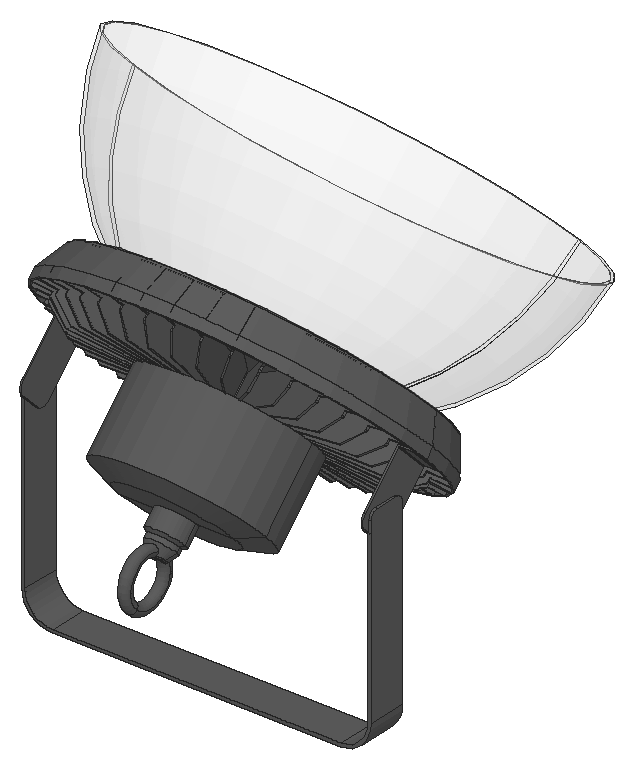
Revit family "0039364+0039355+0039361 Sylvania Lighting Fixture START HighBay IP65 DALI 26000lm 840 MB with BRACKET and PC LAMPSHADE TRANSPARENT FOR 26KLM", category Lighting Fixtures, host Face, Revit 2016 (continued)
Definition of nested family "Start LED Highbay DALI Head"
  Nested families
    nested 5: "Start Highbay Rib" at (0, 0, 80.875) x (0.809, 0.5878, 0) z (0, 0, 1), type "Type Name", detail levels medium+fine
      with SuspensionHeight_FEILO 2.6 mm, WidthStraight_FEILO 4.7 mm, WidthRingChamfer_FEILO 12.9 mm, WidthCurved_FEILO 26.2 mm, WidthCurvedRing_FEILO 4.7 mm, SizeS_FEILO no, Rib4_FEILO 14.6 mm, Rib3_FEILO 20.2 mm, Rib2_FEILO 4.5 mm, Rib1_FEILO 19 mm, RadiusDiffuser_FEILO 120 mm, RHRadius3_FEILO 8.6 mm, RHRadius2_FEILO 14 mm, RHRadius1_FEILO 17.7 mm, RHHeight4_FEILO 9.2 mm, RHHeight3_FEILO 4.6 mm, RHHeight2_FEILO 2.6 mm, RHHeight1_FEILO 17.4 mm, HeightRing_FEILO 36.8 mm, HeightRingChamfer_FEILO 26.6 mm, EyeThickness_FEILO 10.5 mm, EyeThicknessHalf_FEILO 5.25 mm, EyeInner_FEILO 17.3 mm, DriverVerticalStraight_FEILO 57 mm, DriverVerticalChamfer_FEILO 9.5 mm, DriverRadius_FEILO 76.4 mm, DriverRadiusTop_FEILO 52.4 mm, DriverBottom_FEILO 74 mm, Radius_FEILO 169.5 mm
    nested 6: "Start Highbay Rib" at (0, 0, 80.875) x (0.7071, 0.7071, 0) z (0, 0, 1), type "Type Name", detail levels medium+fine
      with SuspensionHeight_FEILO 2.6 mm, WidthStraight_FEILO 4.7 mm, WidthRingChamfer_FEILO 12.9 mm, WidthCurved_FEILO 26.2 mm, WidthCurvedRing_FEILO 4.7 mm, SizeS_FEILO no, Rib4_FEILO 14.6 mm, Rib3_FEILO 20.2 mm, Rib2_FEILO 4.5 mm, Rib1_FEILO 19 mm, RadiusDiffuser_FEILO 120 mm, RHRadius3_FEILO 8.6 mm, RHRadius2_FEILO 14 mm, RHRadius1_FEILO 17.7 mm, RHHeight4_FEILO 9.2 mm, RHHeight3_FEILO 4.6 mm, RHHeight2_FEILO 2.6 mm, RHHeight1_FEILO 17.4 mm, HeightRing_FEILO 36.8 mm, HeightRingChamfer_FEILO 26.6 mm, EyeThickness_FEILO 10.5 mm, EyeThicknessHalf_FEILO 5.25 mm, EyeInner_FEILO 17.3 mm, DriverVerticalStraight_FEILO 57 mm, DriverVerticalChamfer_FEILO 9.5 mm, DriverRadius_FEILO 76.4 mm, DriverRadiusTop_FEILO 52.4 mm, DriverBottom_FEILO 74 mm, Radius_FEILO 169.5 mm
    nested 7: "Start Highbay Rib" at (0, 0, 80.875) x (0.5878, 0.809, 0) z (0, 0, 1), type "Type Name", detail levels medium+fine
      with SuspensionHeight_FEILO 2.6 mm, WidthStraight_FEILO 4.7 mm, WidthRingChamfer_FEILO 12.9 mm, WidthCurved_FEILO 26.2 mm, WidthCurvedRing_FEILO 4.7 mm, SizeS_FEILO no, Rib4_FEILO 14.6 mm, Rib3_FEILO 20.2 mm, Rib2_FEILO 4.5 mm, Rib1_FEILO 19 mm, RadiusDiffuser_FEILO 120 mm, RHRadius3_FEILO 8.6 mm, RHRadius2_FEILO 14 mm, RHRadius1_FEILO 17.7 mm, RHHeight4_FEILO 9.2 mm, RHHeight3_FEILO 4.6 mm, RHHeight2_FEILO 2.6 mm, RHHeight1_FEILO 17.4 mm, HeightRing_FEILO 36.8 mm, HeightRingChamfer_FEILO 26.6 mm, EyeThickness_FEILO 10.5 mm, EyeThicknessHalf_FEILO 5.25 mm, EyeInner_FEILO 17.3 mm, DriverVerticalStraight_FEILO 57 mm, DriverVerticalChamfer_FEILO 9.5 mm, DriverRadius_FEILO 76.4 mm, DriverRadiusTop_FEILO 52.4 mm, DriverBottom_FEILO 74 mm, Radius_FEILO 169.5 mm
    nested 8: "Start Highbay Rib" at (0, 0, 80.875) x (0.454, 0.891, 0) z (0, 0, 1), type "Type Name", detail levels medium+fine
      with SuspensionHeight_FEILO 2.6 mm, WidthStraight_FEILO 4.7 mm, WidthRingChamfer_FEILO 12.9 mm, WidthCurved_FEILO 26.2 mm, WidthCurvedRing_FEILO 4.7 mm, SizeS_FEILO no, Rib4_FEILO 14.6 mm, Rib3_FEILO 20.2 mm, Rib2_FEILO 4.5 mm, Rib1_FEILO 19 mm, RadiusDiffuser_FEILO 120 mm, RHRadius3_FEILO 8.6 mm, RHRadius2_FEILO 14 mm, RHRadius1_FEILO 17.7 mm, RHHeight4_FEILO 9.2 mm, RHHeight3_FEILO 4.6 mm, RHHeight2_FEILO 2.6 mm, RHHeight1_FEILO 17.4 mm, HeightRing_FEILO 36.8 mm, HeightRingChamfer_FEILO 26.6 mm, EyeThickness_FEILO 10.5 mm, EyeThicknessHalf_FEILO 5.25 mm, EyeInner_FEILO 17.3 mm, DriverVerticalStraight_FEILO 57 mm, DriverVerticalChamfer_FEILO 9.5 mm, DriverRadius_FEILO 76.4 mm, DriverRadiusTop_FEILO 52.4 mm, DriverBottom_FEILO 74 mm, Radius_FEILO 169.5 mm
    nested 9: "Start Highbay Rib" at (0, 0, 80.875) x (0.309, 0.9511, 0) z (0, 0, 1), type "Type Name", detail levels medium+fine
      with SuspensionHeight_FEILO 2.6 mm, WidthStraight_FEILO 4.7 mm, WidthRingChamfer_FEILO 12.9 mm, WidthCurved_FEILO 26.2 mm, WidthCurvedRing_FEILO 4.7 mm, SizeS_FEILO no, Rib4_FEILO 14.6 mm, Rib3_FEILO 20.2 mm, Rib2_FEILO 4.5 mm, Rib1_FEILO 19 mm, RadiusDiffuser_FEILO 120 mm, RHRadius3_FEILO 8.6 mm, RHRadius2_FEILO 14 mm, RHRadius1_FEILO 17.7 mm, RHHeight4_FEILO 9.2 mm, RHHeight3_FEILO 4.6 mm, RHHeight2_FEILO 2.6 mm, RHHeight1_FEILO 17.4 mm, HeightRing_FEILO 36.8 mm, HeightRingChamfer_FEILO 26.6 mm, EyeThickness_FEILO 10.5 mm, EyeThicknessHalf_FEILO 5.25 mm, EyeInner_FEILO 17.3 mm, DriverVerticalStraight_FEILO 57 mm, DriverVerticalChamfer_FEILO 9.5 mm, DriverRadius_FEILO 76.4 mm, DriverRadiusTop_FEILO 52.4 mm, DriverBottom_FEILO 74 mm, Radius_FEILO 169.5 mm
    nested 10: "Start Highbay Rib" at (0, 0, 80.875) x (0.1564, 0.9877, 0) z (0, 0, 1), type "Type Name", detail levels medium+fine
      with SuspensionHeight_FEILO 2.6 mm, WidthStraight_FEILO 4.7 mm, WidthRingChamfer_FEILO 12.9 mm, WidthCurved_FEILO 26.2 mm, WidthCurvedRing_FEILO 4.7 mm, SizeS_FEILO no, Rib4_FEILO 14.6 mm, Rib3_FEILO 20.2 mm, Rib2_FEILO 4.5 mm, Rib1_FEILO 19 mm, RadiusDiffuser_FEILO 120 mm, RHRadius3_FEILO 8.6 mm, RHRadius2_FEILO 14 mm, RHRadius1_FEILO 17.7 mm, RHHeight4_FEILO 9.2 mm, RHHeight3_FEILO 4.6 mm, RHHeight2_FEILO 2.6 mm, RHHeight1_FEILO 17.4 mm, HeightRing_FEILO 36.8 mm, HeightRingChamfer_FEILO 26.6 mm, EyeThickness_FEILO 10.5 mm, EyeThicknessHalf_FEILO 5.25 mm, EyeInner_FEILO 17.3 mm, DriverVerticalStraight_FEILO 57 mm, DriverVerticalChamfer_FEILO 9.5 mm, DriverRadius_FEILO 76.4 mm, DriverRadiusTop_FEILO 52.4 mm, DriverBottom_FEILO 74 mm, Radius_FEILO 169.5 mm
    nested 11: "Start Highbay Rib" at (0, 0, 80.875) x (0, 1, 0) z (0, 0, 1), type "Type Name", detail levels medium+fine
      with SuspensionHeight_FEILO 2.6 mm, WidthStraight_FEILO 4.7 mm, WidthRingChamfer_FEILO 12.9 mm, WidthCurved_FEILO 26.2 mm, WidthCurvedRing_FEILO 4.7 mm, SizeS_FEILO no, Rib4_FEILO 14.6 mm, Rib3_FEILO 20.2 mm, Rib2_FEILO 4.5 mm, Rib1_FEILO 19 mm, RadiusDiffuser_FEILO 120 mm, RHRadius3_FEILO 8.6 mm, RHRadius2_FEILO 14 mm, RHRadius1_FEILO 17.7 mm, RHHeight4_FEILO 9.2 mm, RHHeight3_FEILO 4.6 mm, RHHeight2_FEILO 2.6 mm, RHHeight1_FEILO 17.4 mm, HeightRing_FEILO 36.8 mm, HeightRingChamfer_FEILO 26.6 mm, EyeThickness_FEILO 10.5 mm, EyeThicknessHalf_FEILO 5.25 mm, EyeInner_FEILO 17.3 mm, DriverVerticalStraight_FEILO 57 mm, DriverVerticalChamfer_FEILO 9.5 mm, DriverRadius_FEILO 76.4 mm, DriverRadiusTop_FEILO 52.4 mm, DriverBottom_FEILO 74 mm, Radius_FEILO 169.5 mm
    nested 12: "Start Highbay Rib" at (0, 0, 80.875) x (-0.1564, 0.9877, 0) z (0, 0, 1), type "Type Name", detail levels medium+fine
      with SuspensionHeight_FEILO 2.6 mm, WidthStraight_FEILO 4.7 mm, WidthRingChamfer_FEILO 12.9 mm, WidthCurved_FEILO 26.2 mm, WidthCurvedRing_FEILO 4.7 mm, SizeS_FEILO no, Rib4_FEILO 14.6 mm, Rib3_FEILO 20.2 mm, Rib2_FEILO 4.5 mm, Rib1_FEILO 19 mm, RadiusDiffuser_FEILO 120 mm, RHRadius3_FEILO 8.6 mm, RHRadius2_FEILO 14 mm, RHRadius1_FEILO 17.7 mm, RHHeight4_FEILO 9.2 mm, RHHeight3_FEILO 4.6 mm, RHHeight2_FEILO 2.6 mm, RHHeight1_FEILO 17.4 mm, HeightRing_FEILO 36.8 mm, HeightRingChamfer_FEILO 26.6 mm, EyeThickness_FEILO 10.5 mm, EyeThicknessHalf_FEILO 5.25 mm, EyeInner_FEILO 17.3 mm, DriverVerticalStraight_FEILO 57 mm, DriverVerticalChamfer_FEILO 9.5 mm, DriverRadius_FEILO 76.4 mm, DriverRadiusTop_FEILO 52.4 mm, DriverBottom_FEILO 74 mm, Radius_FEILO 169.5 mm
    nested 13: "Start Highbay Rib" at (0, 0, 80.875) x (-0.309, 0.9511, 0) z (0, 0, 1), type "Type Name", detail levels medium+fine
      with SuspensionHeight_FEILO 2.6 mm, WidthStraight_FEILO 4.7 mm, WidthRingChamfer_FEILO 12.9 mm, WidthCurved_FEILO 26.2 mm, WidthCurvedRing_FEILO 4.7 mm, SizeS_FEILO no, Rib4_FEILO 14.6 mm, Rib3_FEILO 20.2 mm, Rib2_FEILO 4.5 mm, Rib1_FEILO 19 mm, RadiusDiffuser_FEILO 120 mm, RHRadius3_FEILO 8.6 mm, RHRadius2_FEILO 14 mm, RHRadius1_FEILO 17.7 mm, RHHeight4_FEILO 9.2 mm, RHHeight3_FEILO 4.6 mm, RHHeight2_FEILO 2.6 mm, RHHeight1_FEILO 17.4 mm, HeightRing_FEILO 36.8 mm, HeightRingChamfer_FEILO 26.6 mm, EyeThickness_FEILO 10.5 mm, EyeThicknessHalf_FEILO 5.25 mm, EyeInner_FEILO 17.3 mm, DriverVerticalStraight_FEILO 57 mm, DriverVerticalChamfer_FEILO 9.5 mm, DriverRadius_FEILO 76.4 mm, DriverRadiusTop_FEILO 52.4 mm, DriverBottom_FEILO 74 mm, Radius_FEILO 169.5 mm
    nested 14: "Start Highbay Rib" at (0, 0, 80.875) x (-0.454, 0.891, 0) z (0, 0, 1), type "Type Name", detail levels medium+fine
      with SuspensionHeight_FEILO 2.6 mm, WidthStraight_FEILO 4.7 mm, WidthRingChamfer_FEILO 12.9 mm, WidthCurved_FEILO 26.2 mm, WidthCurvedRing_FEILO 4.7 mm, SizeS_FEILO no, Rib4_FEILO 14.6 mm, Rib3_FEILO 20.2 mm, Rib2_FEILO 4.5 mm, Rib1_FEILO 19 mm, RadiusDiffuser_FEILO 120 mm, RHRadius3_FEILO 8.6 mm, RHRadius2_FEILO 14 mm, RHRadius1_FEILO 17.7 mm, RHHeight4_FEILO 9.2 mm, RHHeight3_FEILO 4.6 mm, RHHeight2_FEILO 2.6 mm, RHHeight1_FEILO 17.4 mm, HeightRing_FEILO 36.8 mm, HeightRingChamfer_FEILO 26.6 mm, EyeThickness_FEILO 10.5 mm, EyeThicknessHalf_FEILO 5.25 mm, EyeInner_FEILO 17.3 mm, DriverVerticalStraight_FEILO 57 mm, DriverVerticalChamfer_FEILO 9.5 mm, DriverRadius_FEILO 76.4 mm, DriverRadiusTop_FEILO 52.4 mm, DriverBottom_FEILO 74 mm, Radius_FEILO 169.5 mm
    nested 15: "Start Highbay Rib" at (0, 0, 80.875) x (-0.5878, 0.809, 0) z (0, 0, 1), type "Type Name", detail levels medium+fine
      with SuspensionHeight_FEILO 2.6 mm, WidthStraight_FEILO 4.7 mm, WidthRingChamfer_FEILO 12.9 mm, WidthCurved_FEILO 26.2 mm, WidthCurvedRing_FEILO 4.7 mm, SizeS_FEILO no, Rib4_FEILO 14.6 mm, Rib3_FEILO 20.2 mm, Rib2_FEILO 4.5 mm, Rib1_FEILO 19 mm, RadiusDiffuser_FEILO 120 mm, RHRadius3_FEILO 8.6 mm, RHRadius2_FEILO 14 mm, RHRadius1_FEILO 17.7 mm, RHHeight4_FEILO 9.2 mm, RHHeight3_FEILO 4.6 mm, RHHeight2_FEILO 2.6 mm, RHHeight1_FEILO 17.4 mm, HeightRing_FEILO 36.8 mm, HeightRingChamfer_FEILO 26.6 mm, EyeThickness_FEILO 10.5 mm, EyeThicknessHalf_FEILO 5.25 mm, EyeInner_FEILO 17.3 mm, DriverVerticalStraight_FEILO 57 mm, DriverVerticalChamfer_FEILO 9.5 mm, DriverRadius_FEILO 76.4 mm, DriverRadiusTop_FEILO 52.4 mm, DriverBottom_FEILO 74 mm, Radius_FEILO 169.5 mm
    nested 16: "Start Highbay Rib" at (0, 0, 80.875) x (-0.7071, 0.7071, 0) z (0, 0, 1), type "Type Name", detail levels medium+fine
      with SuspensionHeight_FEILO 2.6 mm, WidthStraight_FEILO 4.7 mm, WidthRingChamfer_FEILO 12.9 mm, WidthCurved_FEILO 26.2 mm, WidthCurvedRing_FEILO 4.7 mm, SizeS_FEILO no, Rib4_FEILO 14.6 mm, Rib3_FEILO 20.2 mm, Rib2_FEILO 4.5 mm, Rib1_FEILO 19 mm, RadiusDiffuser_FEILO 120 mm, RHRadius3_FEILO 8.6 mm, RHRadius2_FEILO 14 mm, RHRadius1_FEILO 17.7 mm, RHHeight4_FEILO 9.2 mm, RHHeight3_FEILO 4.6 mm, RHHeight2_FEILO 2.6 mm, RHHeight1_FEILO 17.4 mm, HeightRing_FEILO 36.8 mm, HeightRingChamfer_FEILO 26.6 mm, EyeThickness_FEILO 10.5 mm, EyeThicknessHalf_FEILO 5.25 mm, EyeInner_FEILO 17.3 mm, DriverVerticalStraight_FEILO 57 mm, DriverVerticalChamfer_FEILO 9.5 mm, DriverRadius_FEILO 76.4 mm, DriverRadiusTop_FEILO 52.4 mm, DriverBottom_FEILO 74 mm, Radius_FEILO 169.5 mm
    nested 17: "Start Highbay Rib" at (0, 0, 80.875) x (-0.809, 0.5878, 0) z (0, 0, 1), type "Type Name", detail levels medium+fine
      with SuspensionHeight_FEILO 2.6 mm, WidthStraight_FEILO 4.7 mm, WidthRingChamfer_FEILO 12.9 mm, WidthCurved_FEILO 26.2 mm, WidthCurvedRing_FEILO 4.7 mm, SizeS_FEILO no, Rib4_FEILO 14.6 mm, Rib3_FEILO 20.2 mm, Rib2_FEILO 4.5 mm, Rib1_FEILO 19 mm, RadiusDiffuser_FEILO 120 mm, RHRadius3_FEILO 8.6 mm, RHRadius2_FEILO 14 mm, RHRadius1_FEILO 17.7 mm, RHHeight4_FEILO 9.2 mm, RHHeight3_FEILO 4.6 mm, RHHeight2_FEILO 2.6 mm, RHHeight1_FEILO 17.4 mm, HeightRing_FEILO 36.8 mm, HeightRingChamfer_FEILO 26.6 mm, EyeThickness_FEILO 10.5 mm, EyeThicknessHalf_FEILO 5.25 mm, EyeInner_FEILO 17.3 mm, DriverVerticalStraight_FEILO 57 mm, DriverVerticalChamfer_FEILO 9.5 mm, DriverRadius_FEILO 76.4 mm, DriverRadiusTop_FEILO 52.4 mm, DriverBottom_FEILO 74 mm, Radius_FEILO 169.5 mm
    nested 18: "Start Highbay Rib" at (0, 0, 80.875) x (-0.891, 0.454, 0) z (0, 0, 1), type "Type Name", detail levels medium+fine
      with SuspensionHeight_FEILO 2.6 mm, WidthStraight_FEILO 4.7 mm, WidthRingChamfer_FEILO 12.9 mm, WidthCurved_FEILO 26.2 mm, WidthCurvedRing_FEILO 4.7 mm, SizeS_FEILO no, Rib4_FEILO 14.6 mm, Rib3_FEILO 20.2 mm, Rib2_FEILO 4.5 mm, Rib1_FEILO 19 mm, RadiusDiffuser_FEILO 120 mm, RHRadius3_FEILO 8.6 mm, RHRadius2_FEILO 14 mm, RHRadius1_FEILO 17.7 mm, RHHeight4_FEILO 9.2 mm, RHHeight3_FEILO 4.6 mm, RHHeight2_FEILO 2.6 mm, RHHeight1_FEILO 17.4 mm, HeightRing_FEILO 36.8 mm, HeightRingChamfer_FEILO 26.6 mm, EyeThickness_FEILO 10.5 mm, EyeThicknessHalf_FEILO 5.25 mm, EyeInner_FEILO 17.3 mm, DriverVerticalStraight_FEILO 57 mm, DriverVerticalChamfer_FEILO 9.5 mm, DriverRadius_FEILO 76.4 mm, DriverRadiusTop_FEILO 52.4 mm, DriverBottom_FEILO 74 mm, Radius_FEILO 169.5 mm
    nested 19: "Start Highbay Rib" at (0, 0, 80.875) x (-0.9511, 0.309, 0) z (0, 0, 1), type "Type Name", detail levels medium+fine
      with SuspensionHeight_FEILO 2.6 mm, WidthStraight_FEILO 4.7 mm, WidthRingChamfer_FEILO 12.9 mm, WidthCurved_FEILO 26.2 mm, WidthCurvedRing_FEILO 4.7 mm, SizeS_FEILO no, Rib4_FEILO 14.6 mm, Rib3_FEILO 20.2 mm, Rib2_FEILO 4.5 mm, Rib1_FEILO 19 mm, RadiusDiffuser_FEILO 120 mm, RHRadius3_FEILO 8.6 mm, RHRadius2_FEILO 14 mm, RHRadius1_FEILO 17.7 mm, RHHeight4_FEILO 9.2 mm, RHHeight3_FEILO 4.6 mm, RHHeight2_FEILO 2.6 mm, RHHeight1_FEILO 17.4 mm, HeightRing_FEILO 36.8 mm, HeightRingChamfer_FEILO 26.6 mm, EyeThickness_FEILO 10.5 mm, EyeThicknessHalf_FEILO 5.25 mm, EyeInner_FEILO 17.3 mm, DriverVerticalStraight_FEILO 57 mm, DriverVerticalChamfer_FEILO 9.5 mm, DriverRadius_FEILO 76.4 mm, DriverRadiusTop_FEILO 52.4 mm, DriverBottom_FEILO 74 mm, Radius_FEILO 169.5 mm
    nested 20: "Start Highbay Rib" at (0, 0, 80.875) x (-0.9877, 0.1564, 0) z (0, 0, 1), type "Type Name", detail levels medium+fine
      with SuspensionHeight_FEILO 2.6 mm, WidthStraight_FEILO 4.7 mm, WidthRingChamfer_FEILO 12.9 mm, WidthCurved_FEILO 26.2 mm, WidthCurvedRing_FEILO 4.7 mm, SizeS_FEILO no, Rib4_FEILO 14.6 mm, Rib3_FEILO 20.2 mm, Rib2_FEILO 4.5 mm, Rib1_FEILO 19 mm, RadiusDiffuser_FEILO 120 mm, RHRadius3_FEILO 8.6 mm, RHRadius2_FEILO 14 mm, RHRadius1_FEILO 17.7 mm, RHHeight4_FEILO 9.2 mm, RHHeight3_FEILO 4.6 mm, RHHeight2_FEILO 2.6 mm, RHHeight1_FEILO 17.4 mm, HeightRing_FEILO 36.8 mm, HeightRingChamfer_FEILO 26.6 mm, EyeThickness_FEILO 10.5 mm, EyeThicknessHalf_FEILO 5.25 mm, EyeInner_FEILO 17.3 mm, DriverVerticalStraight_FEILO 57 mm, DriverVerticalChamfer_FEILO 9.5 mm, DriverRadius_FEILO 76.4 mm, DriverRadiusTop_FEILO 52.4 mm, DriverBottom_FEILO 74 mm, Radius_FEILO 169.5 mm
    nested 21: "Start Highbay Rib" at (0, 0, 80.875) x (-1, 0, 0) z (0, 0, 1), type "Type Name", detail levels medium+fine
      with SuspensionHeight_FEILO 2.6 mm, WidthStraight_FEILO 4.7 mm, WidthRingChamfer_FEILO 12.9 mm, WidthCurved_FEILO 26.2 mm, WidthCurvedRing_FEILO 4.7 mm, SizeS_FEILO no, Rib4_FEILO 14.6 mm, Rib3_FEILO 20.2 mm, Rib2_FEILO 4.5 mm, Rib1_FEILO 19 mm, RadiusDiffuser_FEILO 120 mm, RHRadius3_FEILO 8.6 mm, RHRadius2_FEILO 14 mm, RHRadius1_FEILO 17.7 mm, RHHeight4_FEILO 9.2 mm, RHHeight3_FEILO 4.6 mm, RHHeight2_FEILO 2.6 mm, RHHeight1_FEILO 17.4 mm, HeightRing_FEILO 36.8 mm, HeightRingChamfer_FEILO 26.6 mm, EyeThickness_FEILO 10.5 mm, EyeThicknessHalf_FEILO 5.25 mm, EyeInner_FEILO 17.3 mm, DriverVerticalStraight_FEILO 57 mm, DriverVerticalChamfer_FEILO 9.5 mm, DriverRadius_FEILO 76.4 mm, DriverRadiusTop_FEILO 52.4 mm, DriverBottom_FEILO 74 mm, Radius_FEILO 169.5 mm
    nested 22: "Start Highbay Rib" at (0, 0, 80.875) x (-0.9877, -0.1564, 0) z (0, 0, 1), type "Type Name", detail levels medium+fine
      with SuspensionHeight_FEILO 2.6 mm, WidthStraight_FEILO 4.7 mm, WidthRingChamfer_FEILO 12.9 mm, WidthCurved_FEILO 26.2 mm, WidthCurvedRing_FEILO 4.7 mm, SizeS_FEILO no, Rib4_FEILO 14.6 mm, Rib3_FEILO 20.2 mm, Rib2_FEILO 4.5 mm, Rib1_FEILO 19 mm, RadiusDiffuser_FEILO 120 mm, RHRadius3_FEILO 8.6 mm, RHRadius2_FEILO 14 mm, RHRadius1_FEILO 17.7 mm, RHHeight4_FEILO 9.2 mm, RHHeight3_FEILO 4.6 mm, RHHeight2_FEILO 2.6 mm, RHHeight1_FEILO 17.4 mm, HeightRing_FEILO 36.8 mm, HeightRingChamfer_FEILO 26.6 mm, EyeThickness_FEILO 10.5 mm, EyeThicknessHalf_FEILO 5.25 mm, EyeInner_FEILO 17.3 mm, DriverVerticalStraight_FEILO 57 mm, DriverVerticalChamfer_FEILO 9.5 mm, DriverRadius_FEILO 76.4 mm, DriverRadiusTop_FEILO 52.4 mm, DriverBottom_FEILO 74 mm, Radius_FEILO 169.5 mm
    nested 23: "Start Highbay Rib" at (0, 0, 80.875) x (-0.9511, -0.309, 0) z (0, 0, 1), type "Type Name", detail levels medium+fine
      with SuspensionHeight_FEILO 2.6 mm, WidthStraight_FEILO 4.7 mm, WidthRingChamfer_FEILO 12.9 mm, WidthCurved_FEILO 26.2 mm, WidthCurvedRing_FEILO 4.7 mm, SizeS_FEILO no, Rib4_FEILO 14.6 mm, Rib3_FEILO 20.2 mm, Rib2_FEILO 4.5 mm, Rib1_FEILO 19 mm, RadiusDiffuser_FEILO 120 mm, RHRadius3_FEILO 8.6 mm, RHRadius2_FEILO 14 mm, RHRadius1_FEILO 17.7 mm, RHHeight4_FEILO 9.2 mm, RHHeight3_FEILO 4.6 mm, RHHeight2_FEILO 2.6 mm, RHHeight1_FEILO 17.4 mm, HeightRing_FEILO 36.8 mm, HeightRingChamfer_FEILO 26.6 mm, EyeThickness_FEILO 10.5 mm, EyeThicknessHalf_FEILO 5.25 mm, EyeInner_FEILO 17.3 mm, DriverVerticalStraight_FEILO 57 mm, DriverVerticalChamfer_FEILO 9.5 mm, DriverRadius_FEILO 76.4 mm, DriverRadiusTop_FEILO 52.4 mm, DriverBottom_FEILO 74 mm, Radius_FEILO 169.5 mm
    nested 24: "Start Highbay Rib" at (0, 0, 80.875) x (-0.891, -0.454, 0) z (0, 0, 1), type "Type Name", detail levels medium+fine
      with SuspensionHeight_FEILO 2.6 mm, WidthStraight_FEILO 4.7 mm, WidthRingChamfer_FEILO 12.9 mm, WidthCurved_FEILO 26.2 mm, WidthCurvedRing_FEILO 4.7 mm, SizeS_FEILO no, Rib4_FEILO 14.6 mm, Rib3_FEILO 20.2 mm, Rib2_FEILO 4.5 mm, Rib1_FEILO 19 mm, RadiusDiffuser_FEILO 120 mm, RHRadius3_FEILO 8.6 mm, RHRadius2_FEILO 14 mm, RHRadius1_FEILO 17.7 mm, RHHeight4_FEILO 9.2 mm, RHHeight3_FEILO 4.6 mm, RHHeight2_FEILO 2.6 mm, RHHeight1_FEILO 17.4 mm, HeightRing_FEILO 36.8 mm, HeightRingChamfer_FEILO 26.6 mm, EyeThickness_FEILO 10.5 mm, EyeThicknessHalf_FEILO 5.25 mm, EyeInner_FEILO 17.3 mm, DriverVerticalStraight_FEILO 57 mm, DriverVerticalChamfer_FEILO 9.5 mm, DriverRadius_FEILO 76.4 mm, DriverRadiusTop_FEILO 52.4 mm, DriverBottom_FEILO 74 mm, Radius_FEILO 169.5 mm
    nested 25: "Start Highbay Rib" at (0, 0, 80.875) x (-0.809, -0.5878, 0) z (0, 0, 1), type "Type Name", detail levels medium+fine
      with SuspensionHeight_FEILO 2.6 mm, WidthStraight_FEILO 4.7 mm, WidthRingChamfer_FEILO 12.9 mm, WidthCurved_FEILO 26.2 mm, WidthCurvedRing_FEILO 4.7 mm, SizeS_FEILO no, Rib4_FEILO 14.6 mm, Rib3_FEILO 20.2 mm, Rib2_FEILO 4.5 mm, Rib1_FEILO 19 mm, RadiusDiffuser_FEILO 120 mm, RHRadius3_FEILO 8.6 mm, RHRadius2_FEILO 14 mm, RHRadius1_FEILO 17.7 mm, RHHeight4_FEILO 9.2 mm, RHHeight3_FEILO 4.6 mm, RHHeight2_FEILO 2.6 mm, RHHeight1_FEILO 17.4 mm, HeightRing_FEILO 36.8 mm, HeightRingChamfer_FEILO 26.6 mm, EyeThickness_FEILO 10.5 mm, EyeThicknessHalf_FEILO 5.25 mm, EyeInner_FEILO 17.3 mm, DriverVerticalStraight_FEILO 57 mm, DriverVerticalChamfer_FEILO 9.5 mm, DriverRadius_FEILO 76.4 mm, DriverRadiusTop_FEILO 52.4 mm, DriverBottom_FEILO 74 mm, Radius_FEILO 169.5 mm
    nested 26: "Start Highbay Rib" at (0, 0, 80.875) x (-0.7071, -0.7071, 0) z (0, 0, 1), type "Type Name", detail levels medium+fine
      with SuspensionHeight_FEILO 2.6 mm, WidthStraight_FEILO 4.7 mm, WidthRingChamfer_FEILO 12.9 mm, WidthCurved_FEILO 26.2 mm, WidthCurvedRing_FEILO 4.7 mm, SizeS_FEILO no, Rib4_FEILO 14.6 mm, Rib3_FEILO 20.2 mm, Rib2_FEILO 4.5 mm, Rib1_FEILO 19 mm, RadiusDiffuser_FEILO 120 mm, RHRadius3_FEILO 8.6 mm, RHRadius2_FEILO 14 mm, RHRadius1_FEILO 17.7 mm, RHHeight4_FEILO 9.2 mm, RHHeight3_FEILO 4.6 mm, RHHeight2_FEILO 2.6 mm, RHHeight1_FEILO 17.4 mm, HeightRing_FEILO 36.8 mm, HeightRingChamfer_FEILO 26.6 mm, EyeThickness_FEILO 10.5 mm, EyeThicknessHalf_FEILO 5.25 mm, EyeInner_FEILO 17.3 mm, DriverVerticalStraight_FEILO 57 mm, DriverVerticalChamfer_FEILO 9.5 mm, DriverRadius_FEILO 76.4 mm, DriverRadiusTop_FEILO 52.4 mm, DriverBottom_FEILO 74 mm, Radius_FEILO 169.5 mm
    nested 27: "Start Highbay Rib" at (0, 0, 80.875) x (-0.5878, -0.809, 0) z (0, 0, 1), type "Type Name", detail levels medium+fine
      with SuspensionHeight_FEILO 2.6 mm, WidthStraight_FEILO 4.7 mm, WidthRingChamfer_FEILO 12.9 mm, WidthCurved_FEILO 26.2 mm, WidthCurvedRing_FEILO 4.7 mm, SizeS_FEILO no, Rib4_FEILO 14.6 mm, Rib3_FEILO 20.2 mm, Rib2_FEILO 4.5 mm, Rib1_FEILO 19 mm, RadiusDiffuser_FEILO 120 mm, RHRadius3_FEILO 8.6 mm, RHRadius2_FEILO 14 mm, RHRadius1_FEILO 17.7 mm, RHHeight4_FEILO 9.2 mm, RHHeight3_FEILO 4.6 mm, RHHeight2_FEILO 2.6 mm, RHHeight1_FEILO 17.4 mm, HeightRing_FEILO 36.8 mm, HeightRingChamfer_FEILO 26.6 mm, EyeThickness_FEILO 10.5 mm, EyeThicknessHalf_FEILO 5.25 mm, EyeInner_FEILO 17.3 mm, DriverVerticalStraight_FEILO 57 mm, DriverVerticalChamfer_FEILO 9.5 mm, DriverRadius_FEILO 76.4 mm, DriverRadiusTop_FEILO 52.4 mm, DriverBottom_FEILO 74 mm, Radius_FEILO 169.5 mm
    nested 28: "Start Highbay Rib" at (0, 0, 80.875) x (-0.454, -0.891, 0) z (0, 0, 1), type "Type Name", detail levels medium+fine
      with SuspensionHeight_FEILO 2.6 mm, WidthStraight_FEILO 4.7 mm, WidthRingChamfer_FEILO 12.9 mm, WidthCurved_FEILO 26.2 mm, WidthCurvedRing_FEILO 4.7 mm, SizeS_FEILO no, Rib4_FEILO 14.6 mm, Rib3_FEILO 20.2 mm, Rib2_FEILO 4.5 mm, Rib1_FEILO 19 mm, RadiusDiffuser_FEILO 120 mm, RHRadius3_FEILO 8.6 mm, RHRadius2_FEILO 14 mm, RHRadius1_FEILO 17.7 mm, RHHeight4_FEILO 9.2 mm, RHHeight3_FEILO 4.6 mm, RHHeight2_FEILO 2.6 mm, RHHeight1_FEILO 17.4 mm, HeightRing_FEILO 36.8 mm, HeightRingChamfer_FEILO 26.6 mm, EyeThickness_FEILO 10.5 mm, EyeThicknessHalf_FEILO 5.25 mm, EyeInner_FEILO 17.3 mm, DriverVerticalStraight_FEILO 57 mm, DriverVerticalChamfer_FEILO 9.5 mm, DriverRadius_FEILO 76.4 mm, DriverRadiusTop_FEILO 52.4 mm, DriverBottom_FEILO 74 mm, Radius_FEILO 169.5 mm
    nested 29: "Start Highbay Rib" at (0, 0, 80.875) x (-0.309, -0.9511, 0) z (0, 0, 1), type "Type Name", detail levels medium+fine
      with SuspensionHeight_FEILO 2.6 mm, WidthStraight_FEILO 4.7 mm, WidthRingChamfer_FEILO 12.9 mm, WidthCurved_FEILO 26.2 mm, WidthCurvedRing_FEILO 4.7 mm, SizeS_FEILO no, Rib4_FEILO 14.6 mm, Rib3_FEILO 20.2 mm, Rib2_FEILO 4.5 mm, Rib1_FEILO 19 mm, RadiusDiffuser_FEILO 120 mm, RHRadius3_FEILO 8.6 mm, RHRadius2_FEILO 14 mm, RHRadius1_FEILO 17.7 mm, RHHeight4_FEILO 9.2 mm, RHHeight3_FEILO 4.6 mm, RHHeight2_FEILO 2.6 mm, RHHeight1_FEILO 17.4 mm, HeightRing_FEILO 36.8 mm, HeightRingChamfer_FEILO 26.6 mm, EyeThickness_FEILO 10.5 mm, EyeThicknessHalf_FEILO 5.25 mm, EyeInner_FEILO 17.3 mm, DriverVerticalStraight_FEILO 57 mm, DriverVerticalChamfer_FEILO 9.5 mm, DriverRadius_FEILO 76.4 mm, DriverRadiusTop_FEILO 52.4 mm, DriverBottom_FEILO 74 mm, Radius_FEILO 169.5 mm
    nested 30: "Start Highbay Rib" at (0, 0, 80.875) x (-0.1564, -0.9877, 0) z (0, 0, 1), type "Type Name", detail levels medium+fine
      with SuspensionHeight_FEILO 2.6 mm, WidthStraight_FEILO 4.7 mm, WidthRingChamfer_FEILO 12.9 mm, WidthCurved_FEILO 26.2 mm, WidthCurvedRing_FEILO 4.7 mm, SizeS_FEILO no, Rib4_FEILO 14.6 mm, Rib3_FEILO 20.2 mm, Rib2_FEILO 4.5 mm, Rib1_FEILO 19 mm, RadiusDiffuser_FEILO 120 mm, RHRadius3_FEILO 8.6 mm, RHRadius2_FEILO 14 mm, RHRadius1_FEILO 17.7 mm, RHHeight4_FEILO 9.2 mm, RHHeight3_FEILO 4.6 mm, RHHeight2_FEILO 2.6 mm, RHHeight1_FEILO 17.4 mm, HeightRing_FEILO 36.8 mm, HeightRingChamfer_FEILO 26.6 mm, EyeThickness_FEILO 10.5 mm, EyeThicknessHalf_FEILO 5.25 mm, EyeInner_FEILO 17.3 mm, DriverVerticalStraight_FEILO 57 mm, DriverVerticalChamfer_FEILO 9.5 mm, DriverRadius_FEILO 76.4 mm, DriverRadiusTop_FEILO 52.4 mm, DriverBottom_FEILO 74 mm, Radius_FEILO 169.5 mm
    nested 31: "Start Highbay Rib" at (0, 0, 80.875) x (0, -1, 0) z (0, 0, 1), type "Type Name", detail levels medium+fine
      with SuspensionHeight_FEILO 2.6 mm, WidthStraight_FEILO 4.7 mm, WidthRingChamfer_FEILO 12.9 mm, WidthCurved_FEILO 26.2 mm, WidthCurvedRing_FEILO 4.7 mm, SizeS_FEILO no, Rib4_FEILO 14.6 mm, Rib3_FEILO 20.2 mm, Rib2_FEILO 4.5 mm, Rib1_FEILO 19 mm, RadiusDiffuser_FEILO 120 mm, RHRadius3_FEILO 8.6 mm, RHRadius2_FEILO 14 mm, RHRadius1_FEILO 17.7 mm, RHHeight4_FEILO 9.2 mm, RHHeight3_FEILO 4.6 mm, RHHeight2_FEILO 2.6 mm, RHHeight1_FEILO 17.4 mm, HeightRing_FEILO 36.8 mm, HeightRingChamfer_FEILO 26.6 mm, EyeThickness_FEILO 10.5 mm, EyeThicknessHalf_FEILO 5.25 mm, EyeInner_FEILO 17.3 mm, DriverVerticalStraight_FEILO 57 mm, DriverVerticalChamfer_FEILO 9.5 mm, DriverRadius_FEILO 76.4 mm, DriverRadiusTop_FEILO 52.4 mm, DriverBottom_FEILO 74 mm, Radius_FEILO 169.5 mm
    nested 32: "Start Highbay Rib" at (0, 0, 80.875) x (0.1564, -0.9877, 0) z (0, 0, 1), type "Type Name", detail levels medium+fine
      with SuspensionHeight_FEILO 2.6 mm, WidthStraight_FEILO 4.7 mm, WidthRingChamfer_FEILO 12.9 mm, WidthCurved_FEILO 26.2 mm, WidthCurvedRing_FEILO 4.7 mm, SizeS_FEILO no, Rib4_FEILO 14.6 mm, Rib3_FEILO 20.2 mm, Rib2_FEILO 4.5 mm, Rib1_FEILO 19 mm, RadiusDiffuser_FEILO 120 mm, RHRadius3_FEILO 8.6 mm, RHRadius2_FEILO 14 mm, RHRadius1_FEILO 17.7 mm, RHHeight4_FEILO 9.2 mm, RHHeight3_FEILO 4.6 mm, RHHeight2_FEILO 2.6 mm, RHHeight1_FEILO 17.4 mm, HeightRing_FEILO 36.8 mm, HeightRingChamfer_FEILO 26.6 mm, EyeThickness_FEILO 10.5 mm, EyeThicknessHalf_FEILO 5.25 mm, EyeInner_FEILO 17.3 mm, DriverVerticalStraight_FEILO 57 mm, DriverVerticalChamfer_FEILO 9.5 mm, DriverRadius_FEILO 76.4 mm, DriverRadiusTop_FEILO 52.4 mm, DriverBottom_FEILO 74 mm, Radius_FEILO 169.5 mm
    nested 33: "Start Highbay Rib" at (0, 0, 80.875) x (0.309, -0.9511, 0) z (0, 0, 1), type "Type Name", detail levels medium+fine
      with SuspensionHeight_FEILO 2.6 mm, WidthStraight_FEILO 4.7 mm, WidthRingChamfer_FEILO 12.9 mm, WidthCurved_FEILO 26.2 mm, WidthCurvedRing_FEILO 4.7 mm, SizeS_FEILO no, Rib4_FEILO 14.6 mm, Rib3_FEILO 20.2 mm, Rib2_FEILO 4.5 mm, Rib1_FEILO 19 mm, RadiusDiffuser_FEILO 120 mm, RHRadius3_FEILO 8.6 mm, RHRadius2_FEILO 14 mm, RHRadius1_FEILO 17.7 mm, RHHeight4_FEILO 9.2 mm, RHHeight3_FEILO 4.6 mm, RHHeight2_FEILO 2.6 mm, RHHeight1_FEILO 17.4 mm, HeightRing_FEILO 36.8 mm, HeightRingChamfer_FEILO 26.6 mm, EyeThickness_FEILO 10.5 mm, EyeThicknessHalf_FEILO 5.25 mm, EyeInner_FEILO 17.3 mm, DriverVerticalStraight_FEILO 57 mm, DriverVerticalChamfer_FEILO 9.5 mm, DriverRadius_FEILO 76.4 mm, DriverRadiusTop_FEILO 52.4 mm, DriverBottom_FEILO 74 mm, Radius_FEILO 169.5 mm
    nested 34: "Start Highbay Rib" at (0, 0, 80.875) x (0.454, -0.891, 0) z (0, 0, 1), type "Type Name", detail levels medium+fine
      with SuspensionHeight_FEILO 2.6 mm, WidthStraight_FEILO 4.7 mm, WidthRingChamfer_FEILO 12.9 mm, WidthCurved_FEILO 26.2 mm, WidthCurvedRing_FEILO 4.7 mm, SizeS_FEILO no, Rib4_FEILO 14.6 mm, Rib3_FEILO 20.2 mm, Rib2_FEILO 4.5 mm, Rib1_FEILO 19 mm, RadiusDiffuser_FEILO 120 mm, RHRadius3_FEILO 8.6 mm, RHRadius2_FEILO 14 mm, RHRadius1_FEILO 17.7 mm, RHHeight4_FEILO 9.2 mm, RHHeight3_FEILO 4.6 mm, RHHeight2_FEILO 2.6 mm, RHHeight1_FEILO 17.4 mm, HeightRing_FEILO 36.8 mm, HeightRingChamfer_FEILO 26.6 mm, EyeThickness_FEILO 10.5 mm, EyeThicknessHalf_FEILO 5.25 mm, EyeInner_FEILO 17.3 mm, DriverVerticalStraight_FEILO 57 mm, DriverVerticalChamfer_FEILO 9.5 mm, DriverRadius_FEILO 76.4 mm, DriverRadiusTop_FEILO 52.4 mm, DriverBottom_FEILO 74 mm, Radius_FEILO 169.5 mm
    nested 35: "Start Highbay Rib" at (0, 0, 80.875) x (0.5878, -0.809, 0) z (0, 0, 1), type "Type Name", detail levels medium+fine
      with SuspensionHeight_FEILO 2.6 mm, WidthStraight_FEILO 4.7 mm, WidthRingChamfer_FEILO 12.9 mm, WidthCurved_FEILO 26.2 mm, WidthCurvedRing_FEILO 4.7 mm, SizeS_FEILO no, Rib4_FEILO 14.6 mm, Rib3_FEILO 20.2 mm, Rib2_FEILO 4.5 mm, Rib1_FEILO 19 mm, RadiusDiffuser_FEILO 120 mm, RHRadius3_FEILO 8.6 mm, RHRadius2_FEILO 14 mm, RHRadius1_FEILO 17.7 mm, RHHeight4_FEILO 9.2 mm, RHHeight3_FEILO 4.6 mm, RHHeight2_FEILO 2.6 mm, RHHeight1_FEILO 17.4 mm, HeightRing_FEILO 36.8 mm, HeightRingChamfer_FEILO 26.6 mm, EyeThickness_FEILO 10.5 mm, EyeThicknessHalf_FEILO 5.25 mm, EyeInner_FEILO 17.3 mm, DriverVerticalStraight_FEILO 57 mm, DriverVerticalChamfer_FEILO 9.5 mm, DriverRadius_FEILO 76.4 mm, DriverRadiusTop_FEILO 52.4 mm, DriverBottom_FEILO 74 mm, Radius_FEILO 169.5 mm
    nested 36: "Start Highbay Rib" at (0, 0, 80.875) x (0.7071, -0.7071, 0) z (0, 0, 1), type "Type Name", detail levels medium+fine
      with SuspensionHeight_FEILO 2.6 mm, WidthStraight_FEILO 4.7 mm, WidthRingChamfer_FEILO 12.9 mm, WidthCurved_FEILO 26.2 mm, WidthCurvedRing_FEILO 4.7 mm, SizeS_FEILO no, Rib4_FEILO 14.6 mm, Rib3_FEILO 20.2 mm, Rib2_FEILO 4.5 mm, Rib1_FEILO 19 mm, RadiusDiffuser_FEILO 120 mm, RHRadius3_FEILO 8.6 mm, RHRadius2_FEILO 14 mm, RHRadius1_FEILO 17.7 mm, RHHeight4_FEILO 9.2 mm, RHHeight3_FEILO 4.6 mm, RHHeight2_FEILO 2.6 mm, RHHeight1_FEILO 17.4 mm, HeightRing_FEILO 36.8 mm, HeightRingChamfer_FEILO 26.6 mm, EyeThickness_FEILO 10.5 mm, EyeThicknessHalf_FEILO 5.25 mm, EyeInner_FEILO 17.3 mm, DriverVerticalStraight_FEILO 57 mm, DriverVerticalChamfer_FEILO 9.5 mm, DriverRadius_FEILO 76.4 mm, DriverRadiusTop_FEILO 52.4 mm, DriverBottom_FEILO 74 mm, Radius_FEILO 169.5 mm
    nested 37: "Start Highbay Rib" at (0, 0, 80.875) x (0.809, -0.5878, 0) z (0, 0, 1), type "Type Name", detail levels medium+fine
      with SuspensionHeight_FEILO 2.6 mm, WidthStraight_FEILO 4.7 mm, WidthRingChamfer_FEILO 12.9 mm, WidthCurved_FEILO 26.2 mm, WidthCurvedRing_FEILO 4.7 mm, SizeS_FEILO no, Rib4_FEILO 14.6 mm, Rib3_FEILO 20.2 mm, Rib2_FEILO 4.5 mm, Rib1_FEILO 19 mm, RadiusDiffuser_FEILO 120 mm, RHRadius3_FEILO 8.6 mm, RHRadius2_FEILO 14 mm, RHRadius1_FEILO 17.7 mm, RHHeight4_FEILO 9.2 mm, RHHeight3_FEILO 4.6 mm, RHHeight2_FEILO 2.6 mm, RHHeight1_FEILO 17.4 mm, HeightRing_FEILO 36.8 mm, HeightRingChamfer_FEILO 26.6 mm, EyeThickness_FEILO 10.5 mm, EyeThicknessHalf_FEILO 5.25 mm, EyeInner_FEILO 17.3 mm, DriverVerticalStraight_FEILO 57 mm, DriverVerticalChamfer_FEILO 9.5 mm, DriverRadius_FEILO 76.4 mm, DriverRadiusTop_FEILO 52.4 mm, DriverBottom_FEILO 74 mm, Radius_FEILO 169.5 mm
    nested 38: "Start Highbay Rib" at (0, 0, 80.875) x (0.891, -0.454, 0) z (0, 0, 1), type "Type Name", detail levels medium+fine
      with SuspensionHeight_FEILO 2.6 mm, WidthStraight_FEILO 4.7 mm, WidthRingChamfer_FEILO 12.9 mm, WidthCurved_FEILO 26.2 mm, WidthCurvedRing_FEILO 4.7 mm, SizeS_FEILO no, Rib4_FEILO 14.6 mm, Rib3_FEILO 20.2 mm, Rib2_FEILO 4.5 mm, Rib1_FEILO 19 mm, RadiusDiffuser_FEILO 120 mm, RHRadius3_FEILO 8.6 mm, RHRadius2_FEILO 14 mm, RHRadius1_FEILO 17.7 mm, RHHeight4_FEILO 9.2 mm, RHHeight3_FEILO 4.6 mm, RHHeight2_FEILO 2.6 mm, RHHeight1_FEILO 17.4 mm, HeightRing_FEILO 36.8 mm, HeightRingChamfer_FEILO 26.6 mm, EyeThickness_FEILO 10.5 mm, EyeThicknessHalf_FEILO 5.25 mm, EyeInner_FEILO 17.3 mm, DriverVerticalStraight_FEILO 57 mm, DriverVerticalChamfer_FEILO 9.5 mm, DriverRadius_FEILO 76.4 mm, DriverRadiusTop_FEILO 52.4 mm, DriverBottom_FEILO 74 mm, Radius_FEILO 169.5 mm
    nested 39: "Start Highbay Rib" at (0, 0, 80.875) x (0.9511, -0.309, 0) z (0, 0, 1), type "Type Name", detail levels medium+fine
      with SuspensionHeight_FEILO 2.6 mm, WidthStraight_FEILO 4.7 mm, WidthRingChamfer_FEILO 12.9 mm, WidthCurved_FEILO 26.2 mm, WidthCurvedRing_FEILO 4.7 mm, SizeS_FEILO no, Rib4_FEILO 14.6 mm, Rib3_FEILO 20.2 mm, Rib2_FEILO 4.5 mm, Rib1_FEILO 19 mm, RadiusDiffuser_FEILO 120 mm, RHRadius3_FEILO 8.6 mm, RHRadius2_FEILO 14 mm, RHRadius1_FEILO 17.7 mm, RHHeight4_FEILO 9.2 mm, RHHeight3_FEILO 4.6 mm, RHHeight2_FEILO 2.6 mm, RHHeight1_FEILO 17.4 mm, HeightRing_FEILO 36.8 mm, HeightRingChamfer_FEILO 26.6 mm, EyeThickness_FEILO 10.5 mm, EyeThicknessHalf_FEILO 5.25 mm, EyeInner_FEILO 17.3 mm, DriverVerticalStraight_FEILO 57 mm, DriverVerticalChamfer_FEILO 9.5 mm, DriverRadius_FEILO 76.4 mm, DriverRadiusTop_FEILO 52.4 mm, DriverBottom_FEILO 74 mm, Radius_FEILO 169.5 mm
    nested 40: "Start Highbay Rib" at (0, 0, 80.875) x (0.9877, -0.1564, 0) z (0, 0, 1), type "Type Name", detail levels medium+fine
      with SuspensionHeight_FEILO 2.6 mm, WidthStraight_FEILO 4.7 mm, WidthRingChamfer_FEILO 12.9 mm, WidthCurved_FEILO 26.2 mm, WidthCurvedRing_FEILO 4.7 mm, SizeS_FEILO no, Rib4_FEILO 14.6 mm, Rib3_FEILO 20.2 mm, Rib2_FEILO 4.5 mm, Rib1_FEILO 19 mm, RadiusDiffuser_FEILO 120 mm, RHRadius3_FEILO 8.6 mm, RHRadius2_FEILO 14 mm, RHRadius1_FEILO 17.7 mm, RHHeight4_FEILO 9.2 mm, RHHeight3_FEILO 4.6 mm, RHHeight2_FEILO 2.6 mm, RHHeight1_FEILO 17.4 mm, HeightRing_FEILO 36.8 mm, HeightRingChamfer_FEILO 26.6 mm, EyeThickness_FEILO 10.5 mm, EyeThicknessHalf_FEILO 5.25 mm, EyeInner_FEILO 17.3 mm, DriverVerticalStraight_FEILO 57 mm, DriverVerticalChamfer_FEILO 9.5 mm, DriverRadius_FEILO 76.4 mm, DriverRadiusTop_FEILO 52.4 mm, DriverBottom_FEILO 74 mm, Radius_FEILO 169.5 mm
  Definition of nested family "Start Highbay Rib"
    Parameters (values of type "Type Name")
      WidthStraight_FEILO = if(SizeS_FEILO, 3 mm, if(SizeM_FEILO, 4 mm, 4.7 mm))  # 3 mm
      WidthRingChamfer_FEILO = if(SizeS_FEILO, 10.3 mm, if(SizeM_FEILO, 11.2 mm, 12.9 mm))  # 10.3 mm
      WidthCurved_FEILO = if(SizeS_FEILO, 17.4 mm, if(SizeM_FEILO, 16.4 mm, 26.2 mm))  # 17.4 mm
      WidthCurvedRing_FEILO = if(SizeS_FEILO, 3 mm, if(SizeM_FEILO, 4 mm, 4.7 mm))  # 3 mm
      WidthBracket_FEILO = 40 mm
      URL = "http://www.feilosylvania.com"
      Type Image = (empty or 0)
      Type Comments = "n/a"
      ThicknessWall_FEILO = 1.5 mm
      ThicknessBracket_FEILO = 1.5 mm
      ThicknessBracketHalf_FEILO = ThicknessBracket_FEILO / 2  # 0.75 mm
      SuspensionHeight_FEILO [instance] = 2.6 mm
      SizeS_FEILO = yes
      SizeM_FEILO = no
      Rib4_FEILO = if(SizeS_FEILO, 18.1 mm, if(SizeM_FEILO, 13.6 mm, 14.6 mm))  # 18.1 mm
      Rib3_FEILO = if(SizeS_FEILO, 15.3 mm, if(SizeM_FEILO, 17.6 mm, 20.2 mm))  # 15.3 mm
      Rib2_FEILO = if(SizeS_FEILO, 3.6 mm, if(SizeM_FEILO, 3.9 mm, 4.5 mm))  # 3.6 mm
      Rib1_FEILO = if(SizeS_FEILO, 15.1 mm, if(SizeM_FEILO, 16.5 mm, 19 mm))  # 15.1 mm
      RadiusRib_FEILO = 2 mm
      RadiusDiffuser_FEILO = if(SizeS_FEILO, 95.2 mm, if(SizeM_FEILO, 105.3 mm, 120 mm))  # 95.2 mm
      RHRadius3_FEILO = if(SizeS_FEILO, 6.6 mm, if(SizeM_FEILO, 7.4 mm, 8.6 mm))  # 6.6 mm
      RHRadius2_FEILO = if(SizeS_FEILO, 11 mm, if(SizeM_FEILO, 12 mm, 14 mm))  # 11 mm
      RHRadius1_FEILO = if(SizeS_FEILO, 13.6 mm, if(SizeM_FEILO, 14.9 mm, 17.7 mm))  # 13.6 mm
      RHHeight4_FEILO = if(SizeS_FEILO, 7.3 mm, if(SizeM_FEILO, 8 mm, 9.2 mm))  # 7.3 mm
      RHHeight3_FEILO = if(SizeS_FEILO, 3.6 mm, if(SizeM_FEILO, 3.7 mm, 4.6 mm))  # 3.6 mm
      RHHeight2_FEILO = if(SizeS_FEILO, 2 mm, if(SizeM_FEILO, 2.2 mm, 2.6 mm))  # 2 mm
      RHHeight1_FEILO = if(SizeS_FEILO, 11.8 mm, if(SizeM_FEILO, 15.3 mm, 17.4 mm))  # 11.8 mm
      Material_3_FEILO = none
      Model = ""
      Manufacturer = "Feilo Sylvania"
      Keynote = "16500"
      HeightRing_FEILO = if(SizeS_FEILO, 19.8 mm, if(SizeM_FEILO, 32 mm, 36.8 mm))  # 19.8 mm
      HeightRingChamfer_FEILO = if(SizeS_FEILO, 11.7 mm, if(SizeM_FEILO, 23.2 mm, 26.6 mm))  # 11.7 mm
      EyeThickness_FEILO = if(SizeS_FEILO, 8.4 mm, if(SizeM_FEILO, 9.2 mm, 10.5 mm))  # 8.4 mm
      EyeThicknessHalf_FEILO = EyeThickness_FEILO / 2  # 4.2 mm
      EyeInner_FEILO = if(SizeS_FEILO, 13.8 mm, if(SizeM_FEILO, 15.1 mm, 17.3 mm))  # 13.8 mm
      DriverVerticalStraight_FEILO = if(SizeS_FEILO, 46.5 mm, if(SizeM_FEILO, 49.7 mm, 57 mm))  # 46.5 mm
      DriverVerticalChamfer_FEILO = if(SizeS_FEILO, 7.5 mm, if(SizeM_FEILO, 8.2 mm, 9.5 mm))  # 7.5 mm
      DriverRadius_FEILO = if(SizeS_FEILO, 61.4 mm, if(SizeM_FEILO, 67.2 mm, 76.4 mm))  # 61.4 mm
      DriverRadiusTop_FEILO = if(SizeS_FEILO, 42 mm, if(SizeM_FEILO, 45.3 mm, 52.4 mm))  # 42 mm
      DriverBottom_FEILO = if(SizeS_FEILO, 56 mm, if(SizeM_FEILO, 64.5 mm, 74 mm))  # 56 mm
      Material_2_FEILO = none
      Radius_FEILO = if(SizeS_FEILO, 135 mm, if(SizeM_FEILO, 148 mm, 169.5 mm))  # 135 mm
      Description = ""
      Default Elevation = 1219.2 mm
      Cost = 0
      Material_1_FEILO = none
      Assembly Code = "D5020200"
      Material_4_FEILO = none
    Reference planes
      plane 1 "Center (Front/Back)": y = 0
      plane 2: z = 0
      plane 3 "Center (Left/Right)": x = 0
      plane 4: z = 2.6
      plane 5: x = -135
      plane 6: x = -124.7
      plane 7: z = -9.1
      plane 8: z = -17.2
      plane 9: x = -121.7
      plane 10: z = -0.025
      plane 11: x = -104.3
      plane 12: x = -95.2
      plane 13: x = -118.7
      plane 14: z = 0.975
      plane 15: z = -1.025
      plane 16: x = -92.2
      plane 17: z = -2.025
      plane 18: x = -133.5
      plane 19: x = -119.9
      plane 20: z = -20.8
      plane 21: x = -104.6
      plane 22: z = -38.9
      plane 23: x = -20
      plane 24: z = -53.4
      plane 25: x = -61.4
      plane 26: z = -99.9
      plane 27: x = -42
      plane 28: z = -107.4
      plane 29: x = -13.6
      plane 30: z = -119.2
      plane 31: z = -121.2
      plane 32: x = -11
      plane 33: z = -124.8
      plane 34: z = -132.1
      plane 35: x = -6.6
      plane 36: z = -145.9
      plane 37: z = -159.7
      plane 38: x = 4.2
      plane 39: x = -4.2
      plane 40: z = -168.1
      plane 41: z = -163.9
      plane 42: x = -129.1
      plane 43: x = -132.5
      plane 44: z = -18.7
      plane 45: x = -123.2
      plane 46: z = -76.65
      plane 47: y = -20
      plane 48: y = 20
      plane 49: x = 135
      plane 50: x = 124.7
      plane 51: x = 133.5
      plane 52: x = 129.1
      plane 53: x = 132.5
      plane 54: x = 123.2
      plane 55: y = 0.75
      plane 56: y = -0.75
    Forms (mm)
      Extrusion 1, solid
        sketch origin (4.2, 0, 0) x (1, 0, 0) y (0, 1, 0)
          loop
            line (-1219.2, 1219.2) -> (-1219.2, -1219.2) -> (1219.2, -1219.2) -> (1219.2, 1219.2) -> (-1219.2, 1219.2)
        from 0 to -68.017
      Extrusion 2, solid, material <- "Material_1_FEILO"
        sketch origin (0, 0, 0) x (1, 0, 0) y (0, 0, 1)
          loop
            arc (-104.3, -0.025) -> (-111.555, 0.423) -> (-118.7, 1.76) r 58.981
            line (-118.7, 1.76) -> (-118.7, -0.025) -> (-125.012, -0.025) -> (-133.5, -9.666) -> (-133.5, -17.2) -> (-119.9, -17.2) -> (-119.9, -20.068)
            arc (-119.9, -20.068) -> (-119.778, -20.755) -> (-119.427, -21.359) r 2
            line (-119.427, -21.359) -> (-104.966, -38.467)
            arc (-104.966, -38.467) -> (-104.381, -38.789) -> (-103.723, -38.9) r 2
            line (-103.723, -38.9) -> (-20, -38.9) -> (-20, -9.1) -> (-95.2, -9.1) -> (-95.2, -2.025) -> (-104.3, -2.025) -> (-104.3, -0.025)
        from -0.75 to 0.75
    Lines and regions (mm)
      reference lines
        curve 1: line (-135, 0, -9.1) -> (-124.7, 0, 2.6)
        curve 2: line (-104.3, 0, -0.025) -> (0, 0, -0.025)
        curve 3: arc (-104.3, 0, -0.025) -> (-113.098, 0, 0.635) -> (-121.7, 0, 2.6) r 58.981
        curve 4: line (-124.7, 0, 2.6) -> (-121.7, 0, 2.6)
        curve 5: line (-125.012, 0, -0.025) -> (-133.5, 0, -9.666)
        curve 6: line (-119.9, 0, -20.8) -> (-104.6, 0, -38.9)
    Dimensions and locks
      "Radius_FEILO": plane 3 "Center (Left/Right)" to plane 5
      "WidthRingChamfer_FEILO": plane 6 to plane 5
      "WidthStraight_FEILO": plane 9 to plane 6
      "WidthCurvedRing_FEILO": plane 13 to plane 9
      locked: plane 10 to plane 15 at 1
      locked: plane 14 to plane 10 at 1
      locked: plane 4 to plane 10 at 2.625
      locked: plane 15 to plane 17 at 1
      "ThicknessWall_FEILO": plane 18 to plane 5
      "ThicknessWall_FEILO": curve 5 to curve 1
      "HeightRingChamfer_FEILO": plane 4 to plane 7
      "HeightRing_FEILO": plane 4 to plane 8
      "RadiusDiffuser_FEILO": plane 3 "Center (Left/Right)" to plane 12
      locked: plane 16 to plane 12 at 3
      "WidthCurved_FEILO": plane 11 to plane 9
      "SuspensionHeight_FEILO": plane 4 to plane 2
      "Rib1_FEILO": plane 19 to plane 5
      "Rib2_FEILO": plane 8 to plane 20
      "Rib3_FEILO": plane 21 to plane 19
      "Rib4_FEILO": plane 20 to plane 22
      locked: plane 3 "Center (Left/Right)" to plane 23 at 20
      "DriverBottom_FEILO": plane 4 to plane 24
      "DriverRadius_FEILO": plane 3 "Center (Left/Right)" to plane 25
      "DriverVerticalStraight_FEILO": plane 24 to plane 26
      "DriverRadiusTop_FEILO": plane 3 "Center (Left/Right)" to plane 27
      "DriverVerticalChamfer_FEILO": plane 26 to plane 28
      "RHRadius1_FEILO": plane 3 "Center (Left/Right)" to plane 29
      "RHHeight2_FEILO": plane 30 to plane 31
      "RHRadius2_FEILO": plane 3 "Center (Left/Right)" to plane 32
      "RHHeight3_FEILO": plane 31 to plane 33
      "RHHeight4_FEILO": plane 33 to plane 34
      "RHRadius3_FEILO": plane 3 "Center (Left/Right)" to plane 35
      "RHHeight1_FEILO": plane 28 to plane 30
      "EyeInner_FEILO": plane 34 to plane 36
      "EyeInner_FEILO": plane 36 to plane 37
      equal spacing: plane 38, plane 3 "Center (Left/Right)", plane 39
      "EyeThickness_FEILO": plane 38 to plane 39
      "EyeThickness_FEILO": plane 37 to plane 40
      equal spacing: plane 37, plane 41, plane 40
      equal spacing: plane 6, plane 42, plane 18
      "ThicknessBracket_FEILO": plane 45 to plane 6
      "ThicknessBracket_FEILO": plane 8 to plane 44
      locked: plane 43 to plane 18 at 1
      equal spacing: plane 24, plane 46, plane 26
      equal spacing: plane 47, plane 1 "Center (Front/Back)", plane 48
      "WidthBracket_FEILO": plane 47 to plane 48
      "WidthRingChamfer_FEILO": plane 50 to plane 49
      "ThicknessWall_FEILO": plane 51 to plane 49
      equal spacing: plane 50, plane 52, plane 51
      "ThicknessBracket_FEILO": plane 54 to plane 50
      locked: plane 53 to plane 51 at 1
      "Radius_FEILO": plane 49 to plane 3 "Center (Left/Right)"
      equal spacing: plane 56, plane 1 "Center (Front/Back)", plane 55
      "ThicknessWall_FEILO": plane 56 to plane 55
      "RadiusRib_FEILO": radius of Extrusion 2 sketch curve  (x2)
      aligned and locked: plane 2 to Extrusion 1
      aligned and locked: level to Extrusion 1
      aligned and locked: plane 5 to curve 1
      aligned and locked: plane 6 to curve 1
      aligned and locked: plane 7 to curve 1
      aligned and locked: plane 10 to curve 2
      aligned and locked: plane 9 to curve 3
      aligned and locked: plane 4 to curve 3
      aligned and locked: plane 11 to curve 3
      aligned and locked: plane 4 to curve 4
      aligned and locked: plane 18 to curve 5
      aligned and locked: plane 10 to curve 5
      aligned and locked: plane 22 to curve 6
      aligned and locked: plane 21 to curve 6
      aligned and locked: plane 20 to curve 6
      aligned and locked: plane 19 to curve 6
      aligned and locked: Extrusion 2 sketch curve to plane 23
      aligned and locked: Extrusion 2 sketch curve to plane 22
      aligned and locked: Extrusion 2 sketch curve to curve 6
      aligned and locked: plane 19 to Extrusion 2 sketch curve
      aligned and locked: Extrusion 2 sketch curve to plane 8
      aligned and locked: Extrusion 2 sketch curve to curve 5
      aligned and locked: Extrusion 2 sketch curve to curve 3
      aligned and locked: Extrusion 2 to plane 55
      aligned and locked: plane 56 to Extrusion 2
      aligned and locked: curve 6 to Extrusion 2 sketch curve
    Automatic sketch dimensions
      Extrusion 1 sketch curve to Extrusion 1 sketch curve = 2438.4 mm  (x2)
      curve 2 to plane 3 "Center (Left/Right)" = 0 mm
      Extrusion 2 sketch curve to plane 18 = 0 mm
      Extrusion 2 sketch curve to plane 10 = 0 mm
      Extrusion 2 sketch curve to plane 13 = 0 mm
      Extrusion 2 sketch curve to plane 7 = 0 mm
      Extrusion 2 sketch curve to plane 12 = 0 mm
      Extrusion 2 sketch curve to plane 17 = 0 mm
      plane 19 to Extrusion 2 sketch curve = 0.473 mm
      Extrusion 2 sketch curve to plane 21 = 0.366 mm
